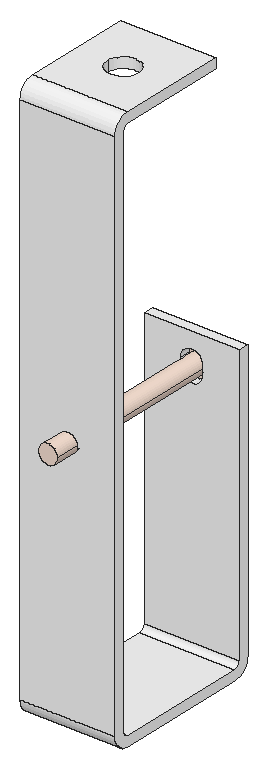
Revit family "75×45×15LGハンガー(内折れ)", category 機械設備, Revit 2020
Family settings
  丸型コネクタ寸法 = 直径を使用
  種別 = なし
  パーツ タイプ = 標準
  作業面ベース = いいえ
  常に垂直 = はい
  ロード時にボイドで切り取り = いいえ
  共有 = いいえ
  部屋計算ポイント = いいえ
Parameters
  製造元 = "株式会社桐井製作所"
  既定の高さ = 0 mm
  URL = "https://www.kirii.co.jp/"
  K_材質 = "SGHC　一般用"
  K_品名 = "75×45×15LGハンガー(内折れ)"
  K_名称 = "その他ハンガー"
  K_入数 = "100"
  K_バージョン情報 = "20211012"
  K_めっき付着量 = "Z12"
  K_JIS規格 = "JIS G 3302"
Reference planes
  plane 1 "中心(正面/背面)": y = 0
  plane 2: z = 0
  plane 3 "中心(左/右)": x = 0
  plane 4: x = 15
  plane 5: x = -15
Forms (mm)
  Extrusion 1, solid
    sketch origin (0, 0, 0) x (0, 1, 0) y (0, 0, 1)
      loop
        line (0, 1.8) -> (0, 171.8)
        arc (0, 171.8) -> (0.527, 173.073) -> (1.8, 173.6) r 1.8
        line (1.8, 173.6) -> (36.8, 173.6) -> (36.8, 176.8) -> (1.8, 176.8)
        arc (1.8, 176.8) -> (-1.736, 175.336) -> (-3.2, 171.8) r 5
        line (-3.2, 171.8) -> (-3.2, 1.8)
        arc (-3.2, 1.8) -> (-1.736, -1.736) -> (1.8, -3.2) r 5
        line (1.8, -3.2) -> (44.2, -3.2)
        arc (44.2, -3.2) -> (47.736, -1.736) -> (49.2, 1.8) r 5
        line (49.2, 1.8) -> (49.2, 89.8) -> (46, 89.8) -> (46, 1.8)
        arc (46, 1.8) -> (45.473, 0.527) -> (44.2, 0) r 1.8
        line (44.2, 0) -> (1.8, 0)
        arc (1.8, 0) -> (0.527, 0.527) -> (0, 1.8) r 1.8
    from -15 to 15
  Extrusion 2, void
    sketch origin (0, 0, 0) x (1, 0, 0) y (0, 0, 1)
      loop
        circle (0, 79.96) r 3
    from 0 to 3.2
  Extrusion 3, void
    sketch origin (0, 15, 15) x (1, 0, 0) y (0, 0, 1)
      loop
        arc (3.5, 66.5) -> (0, 70) -> (-3.5, 66.5) r 3.5
        line (-3.5, 66.5) -> (-3.5, 63.5)
        arc (-3.5, 63.5) -> (0, 60) -> (3.5, 63.5) r 3.5
        line (3.5, 63.5) -> (3.5, 66.5)
    from -34.2 to -31
  Extrusion 4, void
    sketch origin (0, 40.819, 0) x (1, 0, 0) y (0, 1, 0)
      loop
        circle (0, -22.019) r 5
    from 173.6 to 176.8
Cuts and joins
  Extrusion 2, Extrusion 3, Extrusion 4 cuts Extrusion 1
Dimensions and locks
  aligned and locked: level to plane 2
Nested families
  nested 1: "M6×60ボルト" at (-0.011, 49.2, 80.16) x (-1, 0, 0) z (0, 0, 1), type "M6×60ボルト"
Definition of nested family "M6×60ボルト"
  Parameters (values of type "M6×60ボルト")
    Manufacturer = "株式会社桐井製作所"
    Default Elevation = 0 mm
    URL = "https://www.kirii.co.jp/"
    K_名称 = "M6×60ボルト"
  Reference planes
    plane 1 "中心(正面/背面)": y = 0
    plane 2: z = 0
    plane 3 "中心(左/右)": x = 0
    plane 4 "正面": y = -4
  Forms (mm)
    Extrusion 1, solid
      sketch origin (0, 0, 0) x (1, 0, 0) y (0, 0, 1)
        loop
          line (-4.763, -2.946) -> (0, -5.696) -> (4.763, -2.946) -> (4.763, 2.554) -> (0, 5.304) -> (-4.763, 2.554) -> (-4.763, -2.946)
      from 0 to 4
    Extrusion 2, void
      sketch origin (0, -4, 0) x (-1, 0, 0) y (0, 0, 1)
        loop
          circle (0, -0.156) r 4.396
      from 0 to 1
    Extrusion 3, void
      sketch origin (0, -4, 0) x (-1, 0, 0) y (0, 0, 1)
        loop
          arc (-0.6, 1.814) -> (-1.069, 0.856) -> (-2.036, 0.404) r 1.605
          line (-2.036, 0.404) -> (-2.939, 0.404)
          arc (-2.939, 0.404) -> (-3, -0.195) -> (-2.94, -0.795) r 3
          line (-2.94, -0.795) -> (-2.049, -0.795)
          arc (-2.049, -0.795) -> (-1.074, -1.243) -> (-0.6, -2.206) r 1.605
          line (-0.6, -2.206) -> (-0.6, -3.135)
          arc (-0.6, -3.135) -> (0, -3.196) -> (0.6, -3.135) r 3
          line (0.6, -3.135) -> (0.6, -2.206)
          arc (0.6, -2.206) -> (1.074, -1.243) -> (2.049, -0.795) r 1.605
          line (2.049, -0.795) -> (2.94, -0.795)
          arc (2.94, -0.795) -> (3, -0.198) -> (2.941, 0.398) r 3
          line (2.941, 0.398) -> (2.117, 0.398)
          arc (2.117, 0.398) -> (1.098, 0.828) -> (0.6, 1.814) r 1.605
          line (0.6, 1.814) -> (0.6, 2.743)
          arc (0.6, 2.743) -> (0, 2.804) -> (-0.6, 2.743) r 3
          line (-0.6, 2.743) -> (-0.6, 1.814)
      from 0 to 2
    Extrusion 4, solid
      sketch origin (0, 0, 0) x (1, 0, 0) y (0, 0, 1)
        loop
          circle (-0.011, -0.2) r 3
      from 0 to -60
  Cuts and joins
    Extrusion 2, Extrusion 3 cuts Extrusion 1
    joined: Extrusion 1, Extrusion 4
  Dimensions and locks
    aligned and locked: level to plane 2
